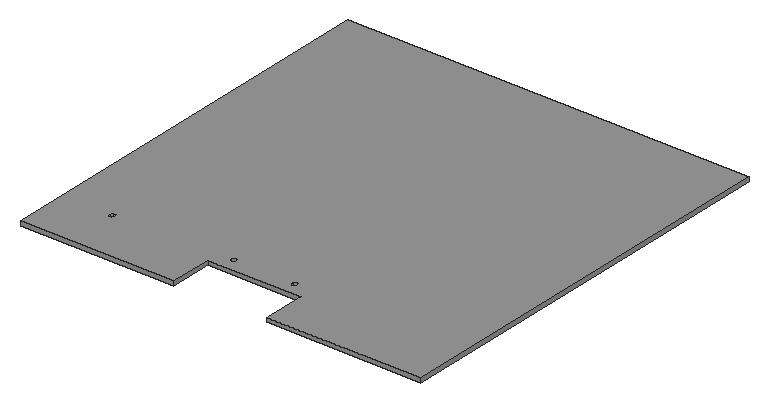
Revit family "OKB-FK 400 B800 Kanaldeckel", category Generic Models, Revit 2017
Family settings
  Can host rebar = No
  Round Connector Dimension = Use Diameter
  Part Type = Normal
  Work Plane-Based = No
  Always vertical = Yes
  Cut with Voids When Loaded = No
  Shared = No
  Room Calculation Point = No
Parameters (values of type "OKB-FK 400 B800")
  URL = "http://www.obo-bettermann.com"
  Material = Strip galvanised
  Manufacturer Art.No. = "7403635"
  Manufacturer = "OBO BETTERMANN"
  GTIN = "4012196690695"
  Article Type = "OKB-FK 400 B800"
Reference planes
  plane 1 "Center (Front/Back)": y = 0
  plane 2: z = 0
  plane 3 "Center (Left/Right)": x = 0
  plane 4: x = 391.5
  plane 5: x = 195.75
  plane 6: y = 41
  plane 7: x = 241
  plane 8: x = 150.5
  plane 9: y = 53.5
  plane 10: x = 165.75
  plane 11: x = 225.75
  plane 12: x = 195.75
  plane 13: y = 50
  plane 14: x = 50
Forms (mm)
  Extrusion 1, solid, material "Strip galvanised" <- "Material"
    sketch origin (0, 0, 0) x (0, 1, 0) y (0, 0, 1)
      loop
        line (0, 0) -> (400, 0) -> (400, 4.003) -> (0, 4.003) -> (0, 0)
    from 0 to 391.548
  Extrusion 2, void
    sketch origin (0, 0, 0) x (1, 0, 0) y (0, 1, 0)
      loop
        line (150.5, 0) -> (241, 0) -> (241, 41) -> (150.5, 41) -> (150.5, 0)
    from 0 to 4.003
  Extrusion 3, void
    sketch origin (0, 0, 0) x (1, 0, 0) y (0, 1, 0)
      loop
        circle (225.75, 53.5) r 2.5
      loop
        circle (165.75, 53.5) r 2.5
    from 0 to 4.003
  Extrusion 4, void
    sketch origin (0, 0, 0) x (1, 0, 0) y (0, 1, 0)
      loop
        circle (50, 50) r 2.5
    from 0 to 4.003
Cuts and joins
  Extrusion 2, Extrusion 3, Extrusion 4 cuts Extrusion 1
Dimensions and locks
  locked: Extrusion 1 sketch curve to Extrusion 1 sketch curve at 400
  locked: Extrusion 1 sketch curve to Extrusion 1 sketch curve at 4.003
  locked: plane 3 "Center (Left/Right)" to plane 4 at 391.5
  locked: Extrusion 1 to Extrusion 1 at 400
  locked: Extrusion 1 to plane 5 at 195.75
  locked: Extrusion 1 to Extrusion 2 sketch curve at 41
  locked: Extrusion 2 sketch curve to Extrusion 2 sketch curve at 90.5
  locked: cut or joined group of Extrusion 1, Extrusion 2, Extrusion 3, Extrusion 4 to plane 12 at 195.75
  plane 10 to plane 12 = 30 mm
  locked: plane 10 to plane 11 at 60
  locked: plane 9 to cut or joined group of Extrusion 1, Extrusion 2, Extrusion 3, Extrusion 4 at 12.5
  locked: plane 11 to Extrusion 3 sketch curve at 0
  locked: plane 11 to Extrusion 3 sketch curve at 2.5
  locked: plane 10 to Extrusion 3 sketch curve at 2.5
  locked: plane 10 to Extrusion 3 sketch curve at 0
  locked: plane 14 to Extrusion 4 sketch curve at 2.5
  locked: plane 14 to Extrusion 4 sketch curve at 0
  aligned and locked: level to plane 2
  aligned and locked: Extrusion 1 sketch curve to level
  aligned and locked: Extrusion 1 to level
  aligned and locked: plane 1 "Center (Front/Back)" to Extrusion 1
  aligned and locked: Extrusion 2 to level
  aligned and locked: Extrusion 1 to Extrusion 2
  aligned and locked: Extrusion 3 to level
  aligned and locked: Extrusion 1 to Extrusion 3
  aligned and locked: Extrusion 4 to level
  aligned and locked: Extrusion 1 to Extrusion 4
